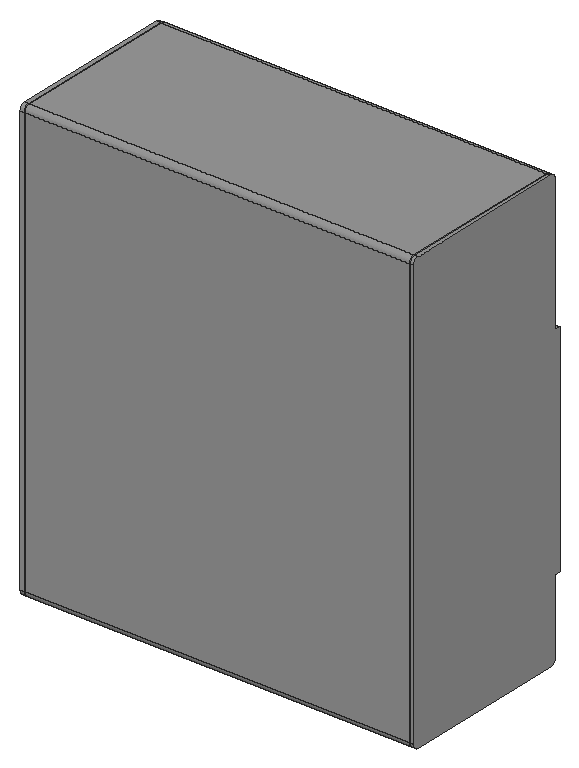
Revit family "L&L_LUCE&LIGHT_PASITO_1.0", category Lighting Fixtures, host Wall, Revit 2018
Family settings
  Host = Wall
  Round Connector Dimension = Use Diameter
  Part Type = Normal
  OmniClass Number = 23.80.00.00
  OmniClass Title = Electric Power and Lighting
  Always vertical = Yes
  Cut with Voids When Loaded = No
  Light Source = Yes
  Shared = No
  Room Calculation Point = No
Parameters (values of type "PASITO_1.0 – 60°")
  Wattage = 10 W
  WIDTH = 143.0 mm
  WEIGHT KG = 0.52
  URL IMAGE = "https://www.lucelight.it/media/prodotti/foto/pasito_1.0_still.jpg"
  URL DXF = "https://www.lucelight.it/media/prodotti/dxf/pasito_1.0.dxf"
  URL DESCRIPTION = "https://www.lucelight.it/en/capitolato.php/7959"
  URL CATALOGUE = "https://www.lucelight.it/media/prodotti/brochure/pasito_brochure_en.pdf"
  Type Comments = "recessed (wall)"
  Tilt Angle = 0.00°
  THICKNESS = 67.0 mm
  TECHNICAL SHEET = "https://www.lucelight.it/media/prodotti/st/ST_PASITO_10.pdf"
  Photometric Web File = "PASITO 1.0 BE 60° [2700K 10W 230Vac] white.IES"
  PROTECTION LEVEL = "IP 65"
  PRODUCT CODE CONFIGURATOR = "https://www.lucelight.it/en/prodotto.php/7959#a-generacodice"
  POWER SUPPLY = "230Vac, 24Vdc"
  POWER CONSUMPTION = "10W (230Vac), 8.5W (24Vdc)"
  built-in parameter 1150142 = "IESNA:LM-63-2002\r\n[TEST] PASITO 10 30K80 60  - 20181015-1739.LDT\r\n[TESTLAB] L&L\r\n[TESTDATE] 15 Oct 2018\r\n[ISSUEDATE] 15 Oct 2018\r\n[MANUFAC] L&L\r\n[LUMCAT] PASITO 1.0 BE 60° [2700K 10W 230Vac] white\r\n[LUMINAIRE] PASITO 1.0 BE 60° [2700K 10W 230Vac] white\r\n[FLASHAREA] 0.000007\r\n[LAMPCAT] Power LED\r\n[LAMP] Power LED\r\nTILT=NONE\r\n1 312.00 1.0 181 73 1 2 0.001 0.030 0.000\r\n1.00 1.00 10.00\r\n0.00 1.00 2.00 3.00 4.00 5.00 6.00 7.00 8.00 9.00 10.00 \r\n11.00 12.00 13.00 14.00 15.00 16.00 17.00 18.00 19.00 \r\n20.00 21.00 22.00 23.00 24.00 25.00 26.00 27.00 28.00 \r\n29.00 30.00 31.00 32.00 33.00 34.00 35.00 36.00 37.00 \r\n38.00 39.00 40.00 41.00 42.00 43.00 44.00 45.00 46.00 \r\n47.00 48.00 49.00 50.00 51.00 52.00 53.00 54.00 55.00 \r\n56.00 57.00 58.00 59.00 60.00 61.00 62.00 63.00 64.00 \r\n65.00 66.00 67.00 68.00 69.00 70.00 71.00 72.00 73.00 \r\n74.00 75.00 76.00 77.00 78.00 79.00 80.00 81.00 82.00 \r\n83.00 84.00 85.00 86.00 87.00 88.00 89.00 90.00 91.00 \r\n92.00 93.00 94.00 95.00 96.00 97.00 98.00 99.00 100.00 \r\n101.00 102.00 103.00 104.00 105.00 106.00 107.00 108.00 \r\n109.00 110.00 111.00 112.00 113.00 114.00 115.00 116.00 \r\n117.00 118.00 119.00 120.00 121.00 122.00 123.00 124.00 \r\n125.00 126.00 127.00 128.00 129.00 130.00 131.00 132.00 \r\n133.00 134.00 135.00 136.00 137.00 138.00 139.00 140.00 \r\n141.00 142.00 143.00 144.00 145.00 146.00 147.00 148.00 \r\n149.00 150.00 151.00 152.00 153.00 154.00 155.00 156.00 \r\n157.00 158.00 159.00 160.00 161.00 162.00 163.00 164.00 \r\n165.00 166.00 167.00 168.00 169.00 170.00 171.00 172.00 \r\n173.00 174.00 175.00 176.00 177.00 178.00 179.00 180.00 \r\n0.00 5.00 10.00 15.00 20.00 25.00 30.00 35.00 40.00 45.00 \r\n50.00 55.00 60.00 65.00 70.00 75.00 80.00 85.00 90.00 \r\n95.00 100.00 105.00 110.00 115.00 120.00 125.00 130.00 \r\n135.00 140.00 145.00 150.00 155.00 160.00 165.00 170.00 \r\n175.00 180.00 185.00 190.00 195.00 200.00 205.00 210.00 \r\n215.00 220.00 225.00 230.00 235.00 240.00 245.00 250.00 \r\n255.00 260.00 265.00 270.00 275.00 280.00 285.00 290.00 \r\n295.00 300.00 305.00 310.00 315.00 320.00 325.00 330.00 \r\n335.00 340.00 345.00 350.00 355.00 360.00 \r\n0.01 0.01 0.01 0.02 0.02 0.02 0.02 0.02 0.02 0.02 0.02 \r\n0.02 0.02 0.02 0.02 0.02 0.02 0.02 0.02 0.02 0.02 0.02 \r\n0.02 0.02 0.02 0.03 0.03 0.03 0.03 0.03 0.03 0.03 0.03 \r\n0.03 0.03 0.03 0.03 0.03 0.03 0.04 0.04 0.04 0.04 0.04 \r\n0.04 0.04 0.04 0.04 0.04 0.04 0.04 0.04 0.04 0.04 0.04 \r\n0.04 0.04 0.04 0.04 0.05 0.05 0.05 0.05 0.05 0.05 0.05 \r\n0.05 0.05 0.05 0.05 0.05 0.05 0.05 0.05 0.05 0.05 0.05 \r\n0.05 0.05 0.05 0.05 0.05 0.05 0.05 0.05 0.05 0.05 0.05 \r\n0.05 0.05 0.05 0.05 0.05 0.05 0.05 0.05 0.06 0.06 0.06 \r\n0.06 0.06 0.06 0.06 0.06 0.06 0.06 0.06 0.06 0.06 0.06 \r\n0.06 0.06 0.06 0.06 0.06 0.06 0.06 0.06 0.06 0.06 0.06 \r\n0.06 0.06 0.06 0.06 0.06 0.06 0.06 0.06 0.06 0.06 0.06 \r\n0.06 0.06 0.06 0.06 0.07 0.07 0.07 0.07 0.07 0.07 0.07 \r\n0.07 0.07 0.07 0.07 0.07 0.07 0.07 0.07 0.07 0.07 0.07 \r\n0.07 0.07 0.07 0.07 0.07 0.07 0.07 0.07 0.07 0.07 0.07 \r\n0.07 0.07 0.07 0.07 0.07 0.07 0.07 0.08 0.08 0.08 0.08 \r\n0.07 0.06 0.04 0.02 0.01 \r\n0.01 0.01 0.01 0.01 0.01 0.01 0.01 0.01 0.01 0.00 0.00 \r\n0.00 0.00 0.00 0.00 0.00 0.00 0.00 0.00 0.00 0.00 0.00 \r\n0.00 0.00 0.00 0.00 0.00 0.00 0.00 0.00 0.00 0.00 0.00 \r\n0.00 0.00 0.00 0.00 0.00 0.00 0.00 0.00 0.00 0.00 0.00 \r\n0.00 0.00 0.00 0.00 0.00 0.00 0.00 0.00 0.00 0.00 0.00 \r\n0.00 0.00 0.00 0.00 0.00 0.00 0.00 0.00 0.00 0.00 0.00 \r\n0.00 0.00 0.00 0.00 0.00 0.00 0.00 0.00 0.00 0.00 0.00 \r\n0.00 0.00 0.00 0.00 0.00 0.00 0.00 0.00 0.00 0.00 0.00 \r\n0.00 0.00 0.00 0.00 0.00 0.00 0.00 0.00 0.00 0.00 0.00 \r\n0.00 0.00 0.00 0.00 0.00 0.00 0.00 0.00 0.00 0.00 0.00 \r\n0.00 0.00 0.00 0.00 0.00 0.00 0.00 0.00 0.00 0.00 0.00 \r\n0.00 0.00 0.00 0.00 0.00 0.00 0.00 0.00 0.00 0.00 0.00 \r\n0.00 0.00 0.00 0.00 0.00 0.00 0.00 0.00 0.00 0.00 0.00 \r\n0.00 0.00 0.00 0.00 0.00 0.00 0.00 0.00 0.00 0.00 0.00 \r\n0.00 0.00 0.00 0.00 0.00 0.00 0.00 0.00 0.00 0.00 0.00 \r\n0.00 0.00 0.00 0.00 0.00 0.00 0.01 0.01 0.02 0.02 0.03 \r\n0.03 0.03 0.03 0.02 0.01 \r\n0.01 0.01 0.01 0.01 0.01 0.00 0.00 0.00 0.00 0.00 0.00 \r\n0.00 0.00 0.00 0.00 0.00 0.00 0.00 0.00 0.00 0.00 0.00 \r\n0.00 0.00 0.00 0.00 0.00 0.00 0.00 0.00 0.00 0.00 0.00 \r\n0.00 0.00 0.00 0.00 0.00 0.00 0.00 0.00 0.00 0.00 0.00 \r\n0.00 0.00 0.00 0.00 0.00 0.00 0.00 0.00 0.00 0.00 0.00 \r\n0.00 0.00 0.00 0.00 0.00 0.00 0.00 0.00 0.00 0.00 0.00 \r\n0.00 0.00 0.00 0.00 0.00 0.00 0.00 0.00 0.00 0.00 0.00 \r\n0.00 0.00 0.00 0.00 0.00 0.00 0.00 0.00 0.00 0.00 0.00 \r\n0.00 0.00 0.00 0.00 0.00 0.00 0.00 0.00 0.00 0.00 0.00 \r\n0.00 0.00 0.00 0.00 0.00 0.00 0.00 0.00 0.00 0.00 0.00 \r\n0.00 0.00 0.00 0.00 0.00 0.00 0.00 0.00 0.00 0.00 0.00 \r\n0.00 0.00 0.00 0.00 0.00 0.00 0.00 0.00 0.00 0.00 0.00 \r\n0.00 0.00 0.00 0.00 0.00 0.00 0.00 0.00 0.00 0.00 0.00 \r\n0.00 0.00 0.00 0.00 0.00 0.00 0.00 0.00 0.00 0.00 0.00 \r\n0.00 0.00 0.00 0.00 0.00 0.00 0.00 0.00 0.00 0.00 0.00 \r\n0.00 0.00 0.00 0.00 0.00 0.00 0.00 0.00 0.00 0.00 0.01 \r\n0.01 0.01 0.02 0.02 0.01 \r\n0.01 0.01 0.01 0.00 0.00 0.00 0.00 0.00 0.00 0.00 0.00 \r\n0.00 0.00 0.00 0.00 0.00 0.00 0.00 0.00 0.00 0.00 0.00 \r\n0.00 0.00 0.00 0.00 0.00 0.00 0.00 0.00 0.00 0.00 0.00 \r\n0.00 0.00 0.00 0.00 0.00 0.00 0.00 0.00 0.00 0.00 0.00 \r\n0.00 0.00 0.00 0.00 0.00 0.00 0.00 0.00 0.00 0.00 0.00 \r\n0.00 0.00 0.00 0.00 0.00 0.00 0.00 0.00 0.00 0.00 0.00 \r\n0.00 0.00 0.00 0.00 0.00 0.00 0.00 0.00 0.00 0.00 0.00 \r\n0.00 0.00 0.00 0.00 0.00 0.00 0.00 0.00 0.00 0.00 0.00 \r\n0.00 0.00 0.00 0.00 0.00 0.00 0.00 0.00 0.00 0.00 0.00 \r\n0.00 0.00 0.00 0.00 0.00 0.00 0.00 0.00 0.00 0.00 0.00 \r\n0.00 0.00 0.00 0.00 0.00 0.00 0.00 0.00 0.00 0.00 0.00 \r\n0.00 0.00 0.00 0.00 0.00 0.00 0.00 0.00 0.00 0.00 0.00 \r\n0.00 0.00 0.00 0.00 0.00 0.00 0.00 0.00 0.00 0.00 0.00 \r\n0.00 0.00 0.00 0.00 0.00 0.00 0.00 0.00 0.00 0.00 0.00 \r\n0.00 0.00 0.00 0.00 0.00 0.00 0.00 0.00 0.00 0.00 0.00 \r\n0.00 0.00 0.00 0.00 0.00 0.00 0.00 0.00 0.00 0.00 0.00 \r\n0.00 0.01 0.01 0.02 0.01 \r\n0.01 0.01 0.00 0.00 0.00 0.00 0.00 0.00 0.00 0.00 0.00 \r\n0.00 0.00 0.00 0.00 0.00 0.00 0.00 0.00 0.00 0.00 0.00 \r\n0.00 0.00 0.00 0.00 0.00 0.00 0.00 0.00 0.00 0.00 0.00 \r\n0.00 0.00 0.00 0.00 0.00 0.00 0.00 0.00 0.00 0.00 0.00 \r\n0.00 0.00 0.00 0.00 0.00 0.00 0.00 0.00 0.00 0.00 0.00 \r\n0.00 0.00 0.00 0.00 0.00 0.00 0.00 0.00 0.00 0.00 0.00 \r\n0.00 0.00 0.00 0.00 0.00 0.00 0.00 0.00 0.00 0.00 0.00 \r\n0.00 0.00 0.00 0.00 0.00 0.00 0.00 0.00 0.00 0.00 0.00 \r\n0.00 0.00 0.00 0.00 0.00 0.00 0.00 0.00 0.00 0.00 0.00 \r\n0.00 0.00 0.00 0.00 0.00 0.00 0.00 0.00 0.00 0.00 0.00 \r\n0.00 0.00 0.00 0.00 0.00 0.00 0.00 0.00 0.00 0.00 0.00 \r\n0.00 0.00 0.00 0.00 0.00 0.00 0.00 0.00 0.00 0.00 0.00 \r\n0.00 0.00 0.00 0.00 0.00 0.00 0.00 0.00 0.00 0.00 0.00 \r\n0.00 0.00 0.00 0.00 0.00 0.00 0.00 0.00 0.00 0.00 0.00 \r\n0.00 0.00 0.00 0.00 0.00 0.00 0.00 0.00 0.00 0.00 0.00 \r\n0.00 0.00 0.00 0.00 0.00 0.00 0.00 0.00 0.00 0.00 0.00 \r\n0.00 0.00 0.01 0.01 0.01 \r\n0.01 0.01 0.00 0.00 0.00 0.00 0.00 0.00 0.00 0.00 0.00 \r\n0.00 0.00 0.00 0.00 0.00 0.00 0.00 0.00 0.00 0.00 0.00 \r\n0.00 0.00 0.00 0.00 0.00 0.00 0.00 0.00 0.00 0.00 0.00 \r\n0.00 0.00 0.00 0.00 0.00 0.00 0.00 0.00 0.00 0.00 0.00 \r\n0.00 0.00 0.00 0.00 0.00 0.00 0.00 0.00 0.00 0.00 0.00 \r\n0.00 0.00 0.00 0.00 0.00 0.00 0.00 0.00 0.00 0.00 0.00 \r\n0.00 0.00 0.00 0.00 0.00 0.00 0.00 0.00 0.00 0.00 0.00 \r\n0.00 0.00 0.00 0.00 0.00 0.00 0.00 0.00 0.00 0.00 0.00 \r\n0.00 0.00 0.00 0.00 0.00 0.00 0.00 0.00 0.00 0.00 0.00 \r\n0.00 0.00 0.00 0.00 0.00 0.00 0.00 0.00 0.00 0.00 0.00 \r\n0.00 0.00 0.00 0.00 0.00 0.00 0.00 0.00 0.00 0.00 0.00 \r\n0.00 0.00 0.00 0.00 0.00 0.00 0.00 0.00 0.00 0.00 0.00 \r\n0.00 0.00 0.00 0.00 0.00 0.00 0.00 0.00 0.00 0.00 0.00 \r\n0.00 0.00 0.00 0.00 0.00 0.00 0.00 0.00 0.00 0.00 0.00 \r\n0.00 0.00 0.00 0.00 0.00 0.00 0.00 0.00 0.00 0.00 0.00 \r\n0.00 0.00 0.00 0.00 0.00 0.00 0.00 0.00 0.00 0.00 0.00 \r\n0.00 0.00 0.00 0.01 0.01 \r\n0.01 0.01 0.00 0.00 0.00 0.00 0.00 0.00 0.00 0.00 0.00 \r\n0.00 0.00 0.00 0.00 0.00 0.00 0.00 0.00 0.00 0.00 0.00 \r\n0.00 0.00 0.00 0.00 0.00 0.00 0.00 0.00 0.00 0.00 0.00 \r\n0.00 0.00 0.00 0.00 0.00 0.00 0.00 0.00 0.00 0.00 0.00 \r\n0.00 0.00 0.00 0.00 0.00 0.00 0.00 0.00 0.00 0.00 0.00 \r\n0.00 0.00 0.00 0.00 0.00 0.00 0.00 0.00 0.00 0.00 0.00 \r\n0.00 0.00 0.00 0.00 0.00 0.00 0.00 0.00 0.00 0.00 0.00 \r\n0.00 0.00 0.00 0.00 0.00 0.00 0.00 0.00 0.00 0.00 0.00 \r\n0.00 0.00 0.00 0.00 0.00 0.00 0.00 0.00 0.00 0.00 0.00 \r\n0.00 0.00 0.00 0.00 0.00 0.00 0.00 0.00 0.00 0.00 0.00 \r\n0.00 0.00 0.00 0.00 0.00 0.00 0.00 0.00 0.00 0.00 0.00 \r\n0.00 0.00 0.00 0.00 0.00 0.00 0.00 0.00 0.00 0.00 0.00 \r\n0.00 0.00 0.00 0.00 0.00 0.00 0.00 0.00 0.00 0.00 0.00 \r\n0.00 0.00 0.00 0.00 0.00 0.00 0.00 0.00 0.00 0.00 0.00 \r\n0.00 0.00 0.00 0.00 0.00 0.00 0.00 0.00 0.00 0.00 0.00 \r\n0.00 0.00 0.00 0.00 0.00 0.00 0.00 0.00 0.00 0.00 0.00 \r\n0.00 0.00 0.00 0.01 0.01 \r\n0.01 0.00 0.00 0.00 0.00 0.00 0.00 0.00 0.00 0.00 0.00 \r\n0.00 0.00 0.00 0.00 0.00 0.00 0.00 0.00 0.00 0.00 0.00 \r\n0.00 0.00 0.00 0.00 0.00 0.00 0.00 0.00 0.00 0.00 0.00 \r\n0.00 0.00 0.00 0.00 0.00 0.00 0.00 0.00 0.00 0.00 0.00 \r\n0.00 0.00 0.00 0.00 0.00 0.00 0.00 0.00 0.00 0.00 0.00 \r\n0.00 0.00 0.00 0.00 0.00 0.00 0.00 0.00 0.00 0.00 0.00 \r\n0.00 0.00 0.00 0.00 0.00 0.00 0.00 0.00 0.00 0.00 0.00 \r\n0.00 0.00 0.00 0.00 0.00 0.00 0.00 0.00 0.00 0.00 0.00 \r\n0.00 0.00 0.00 0.00 0.00 0.00 0.00 0.00 0.00 0.00 0.00 \r\n0.00 0.00 0.00 0.00 0.00 0.00 0.00 0.00 0.00 0.00 0.00 \r\n0.00 0.00 0.00 0.00 0.00 0.00 0.00 0.00 0.00 0.00 0.00 \r\n0.00 0.00 0.00 0.00 0.00 0.00 0.00 0.00 0.00 0.00 0.00 \r\n0.00 0.00 0.00 0.00 0.00 0.00 0.00 0.00 0.00 0.00 0.00 \r\n0.00 0.00 0.00 0.00 0.00 0.00 0.00 0.00 0.00 0.00 0.00 \r\n0.00 0.00 0.00 0.00 0.00 0.00 0.00 0.00 0.00 0.00 0.00 \r\n0.00 0.00 0.00 0.00 0.00 0.00 0.00 0.00 0.00 0.00 0.00 \r\n0.00 0.00 0.00 0.01 0.01 \r\n0.01 0.00 0.00 0.00 0.00 0.00 0.00 0.00 0.00 0.00 0.00 \r\n0.00 0.00 0.00 0.00 0.00 0.00 0.00 0.00 0.00 0.00 0.00 \r\n0.00 0.00 0.00 0.00 0.00 0.00 0.00 0.00 0.00 0.00 0.00 \r\n0.00 0.00 0.00 0.00 0.00 0.00 0.00 0.00 0.00 0.00 0.00 \r\n0.00 0.00 0.00 0.00 0.00 0.00 0.00 0.00 0.00 0.00 0.00 \r\n0.00 0.00 0.00 0.00 0.00 0.00 0.00 0.00 0.00 0.00 0.00 \r\n0.00 0.00 0.00 0.00 0.00 0.00 0.00 0.00 0.00 0.00 0.00 \r\n0.00 0.00 0.00 0.00 0.00 0.00 0.00 0.00 0.00 0.00 0.00 \r\n0.00 0.00 0.00 0.00 0.00 0.00 0.00 0.00 0.00 0.00 0.00 \r\n0.00 0.00 0.00 0.00 0.00 0.00 0.00 0.00 0.00 0.00 0.00 \r\n0.00 0.00 0.00 0.00 0.00 0.00 0.00 0.00 0.00 0.00 0.00 \r\n0.00 0.00 0.00 0.00 0.00 0.00 0.00 0.00 0.00 0.00 0.00 \r\n0.00 0.00 0.00 0.00 0.00 0.00 0.00 0.00 0.00 0.00 0.00 \r\n0.00 0.00 0.00 0.00 0.00 0.00 0.00 0.00 0.00 0.00 0.00 \r\n0.00 0.00 0.00 0.00 0.00 0.00 0.00 0.00 0.00 0.00 0.00 \r\n0.00 0.00 0.00 0.00 0.00 0.00 0.00 0.00 0.00 0.00 0.00 \r\n0.00 0.00 0.00 0.01 0.01 \r\n0.01 0.00 0.00 0.00 0.00 0.00 0.00 0.00 0.00 0.00 0.00 \r\n0.00 0.00 0.00 0.00 0.00 0.00 0.00 0.00 0.00 0.00 0.00 \r\n0.00 0.00 0.00 0.00 0.00 0.00 0.00 0.00 0.00 0.00 0.00 \r\n0.00 0.00 0.00 0.00 0.00 0.00 0.00 0.00 0.00 0.00 0.00 \r\n0.00 0.00 0.00 0.00 0.00 0.00 0.00 0.00 0.00 0.00 0.00 \r\n0.00 0.00 0.00 0.00 0.00 0.00 0.00 0.00 0.00 0.00 0.00 \r\n0.00 0.00 0.00 0.00 0.00 0.00 0.00 0.00 0.00 0.00 0.00 \r\n0.00 0.00 0.00 0.00 0.00 0.00 0.00 0.00 0.00 0.00 0.00 \r\n0.00 0.00 0.00 0.00 0.00 0.00 0.00 0.00 0.00 0.00 0.00 \r\n0.00 0.00 0.00 0.00 0.00 0.00 0.00 0.00 0.00 0.00 0.00 \r\n0.00 0.00 0.00 0.00 0.00 0.00 0.00 0.00 0.00 0.00 0.00 \r\n0.00 0.00 0.00 0.00 0.00 0.00 0.00 0.00 0.00 0.00 0.00 \r\n0.00 0.00 0.00 0.00 0.00 0.00 0.00 0.00 0.00 0.00 0.00 \r\n0.00 0.00 0.00 0.00 0.00 0.00 0.00 0.00 0.00 0.00 0.00 \r\n0.00 0.00 0.00 0.00 0.00 0.00 0.00 0.00 0.00 0.00 0.00 \r\n0.00 0.00 0.00 0.00 0.00 0.00 0.00 0.00 0.00 0.00 0.00 \r\n0.00 0.00 0.00 0.00 0.01 \r\n0.01 0.00 0.00 0.00 0.00 0.00 0.00 0.00 0.00 0.00 0.00 \r\n0.00 0.00 0.00 0.00 0.00 0.00 0.00 0.00 0.00 0.00 0.00 \r\n0.00 0.00 0.00 0.00 0.00 0.00 0.00 0.00 0.00 0.00 0.00 \r\n0.00 0.00 0.00 0.00 0.00 0.00 0.00 0.00 0.00 0.00 0.00 \r\n0.00 0.00 0.00 0.00 0.00 0.00 0.00 0.00 0.00 0.00 0.00 \r\n0.00 0.00 0.00 0.00 0.00 0.00 0.00 0.00 0.00 0.00 0.00 \r\n0.00 0.00 0.00 0.00 0.00 0.00 0.00 0.00 0.00 0.00 0.00 \r\n0.00 0.00 0.00 0.00 0.00 0.00 0.00 0.00 0.00 0.00 0.00 \r\n0.00 0.00 0.00 0.00 0.00 0.00 0.00 0.00 0.00 0.00 0.00 \r\n0.00 0.00 0.00 0.00 0.00 0.00 0.00 0.00 0.00 0.00 0.00 \r\n0.00 0.00 0.00 0.00 0.00 0.00 0.00 0.00 0.00 0.00 0.00 \r\n0.00 0.00 0.00 0.00 0.00 0.00 0.00 0.00 0.00 0.00 0.00 \r\n0.00 0.00 0.00 0.00 0.00 0.00 0.00 0.00 0.00 0.00 0.00 \r\n0.00 0.00 0.00 0.00 0.00 0.00 0.00 0.00 0.00 0.00 0.00 \r\n0.00 0.00 0.00 0.00 0.00 0.00 0.00 0.00 0.00 0.00 0.00 \r\n0.00 0.00 0.00 0.00 0.00 0.00 0.00 0.00 0.00 0.00 0.00 \r\n0.00 0.00 0.00 0.00 0.01 \r\n0.01 0.00 0.00 0.00 0.00 0.00 0.00 0.00 0.00 0.00 0.00 \r\n0.00 0.00 0.00 0.00 0.00 0.00 0.00 0.00 0.00 0.00 0.00 \r\n0.00 0.00 0.00 0.00 0.00 0.00 0.00 0.00 0.00 0.00 0.00 \r\n0.00 0.00 0.00 0.00 0.00 0.00 0.00 0.00 0.00 0.00 0.00 \r\n0.00 0.00 0.00 0.00 0.00 0.00 0.00 0.00 0.00 0.00 0.00 \r\n0.00 0.00 0.00 0.00 0.00 0.00 0.00 0.00 0.00 0.00 0.00 \r\n0.00 0.00 0.00 0.00 0.00 0.00 0.00 0.00 0.00 0.00 0.00 \r\n0.00 0.00 0.00 0.00 0.00 0.00 0.00 0.00 0.00 0.00 0.00 \r\n0.00 0.00 0.00 0.00 0.00 0.00 0.00 0.00 0.00 0.00 0.00 \r\n0.00 0.00 0.00 0.00 0.00 0.00 0.00 0.00 0.00 0.00 0.00 \r\n0.00 0.00 0.00 0.00 0.00 0.00 0.00 0.00 0.00 0.00 0.00 \r\n0.00 0.00 0.00 0.00 0.00 0.00 0.00 0.00 0.00 0.00 0.00 \r\n0.00 0.00 0.00 0.00 0.00 0.00 0.00 0.00 0.00 0.00 0.00 \r\n0.00 0.00 0.00 0.00 0.00 0.00 0.00 0.00 0.00 0.00 0.00 \r\n0.00 0.00 0.00 0.00 0.00 0.00 0.00 0.00 0.00 0.00 0.00 \r\n0.00 0.00 0.00 0.00 0.00 0.00 0.00 0.00 0.00 0.00 0.00 \r\n0.00 0.00 0.00 0.00 0.01 \r\n0.01 0.00 0.00 0.00 0.00 0.00 0.00 0.00 0.00 0.00 0.00 \r\n0.00 0.00 0.00 0.00 0.00 0.00 0.00 0.00 0.00 0.00 0.00 \r\n0.00 0.00 0.00 0.00 0.00 0.00 0.00 0.00 0.00 0.00 0.00 \r\n0.00 0.00 0.00 0.00 0.00 0.00 0.00 0.00 0.00 0.00 0.00 \r\n0.00 0.00 0.00 0.00 0.00 0.00 0.00 0.00 0.00 0.00 0.00 \r\n0.00 0.00 0.00 0.00 0.00 0.00 0.00 0.00 0.00 0.00 0.00 \r\n0.00 0.00 0.00 0.00 0.00 0.00 0.00 0.00 0.00 0.00 0.00 \r\n0.00 0.00 0.00 0.00 0.00 0.00 0.00 0.00 0.00 0.00 0.00 \r\n0.00 0.00 0.00 0.00 0.00 0.00 0.00 0.00 0.00 0.00 0.00 \r\n0.00 0.00 0.00 0.00 0.00 0.00 0.00 0.00 0.00 0.00 0.00 \r\n0.00 0.00 0.00 0.00 0.00 0.00 0.00 0.00 0.00 0.00 0.00 \r\n0.00 0.00 0.00 0.00 0.00 0.00 0.00 0.00 0.00 0.00 0.00 \r\n0.00 0.00 0.00 0.00 0.00 0.00 0.00 0.00 0.00 0.00 0.00 \r\n0.00 0.00 0.00 0.00 0.00 0.00 0.00 0.00 0.00 0.00 0.00 \r\n0.00 0.00 0.00 0.00 0.00 0.00 0.00 0.00 0.00 0.00 0.00 \r\n0.00 0.00 0.00 0.00 0.00 0.00 0.00 0.00 0.00 0.00 0.00 \r\n0.00 0.00 0.00 0.00 0.01 \r\n0.01 0.00 0.00 0.00 0.00 0.00 0.00 0.00 0.00 0.00 0.00 \r\n0.00 0.00 0.00 0.00 0.00 0.00 0.00 0.00 0.00 0.00 0.00 \r\n0.00 0.00 0.00 0.00 0.00 0.00 0.00 0.00 0.00 0.00 0.00 \r\n0.00 0.00 0.00 0.00 0.00 0.00 0.00 0.00 0.00 0.00 0.00 \r\n0.00 0.00 0.00 0.00 0.00 0.00 0.00 0.00 0.00 0.00 0.00 \r\n0.00 0.00 0.00 0.00 0.00 0.00 0.00 0.00 0.00 0.00 0.00 \r\n0.00 0.00 0.00 0.00 0.00 0.00 0.00 0.00 0.00 0.00 0.00 \r\n0.00 0.00 0.00 0.00 0.00 0.00 0.00 0.00 0.00 0.00 0.00 \r\n0.00 0.00 0.00 0.00 0.00 0.00 0.00 0.00 0.00 0.00 0.00 \r\n0.00 0.00 0.00 0.00 0.00 0.00 0.00 0.00 0.00 0.00 0.00 \r\n0.00 0.00 0.00 0.00 0.00 0.00 0.00 0.00 0.00 0.00 0.00 \r\n0.00 0.00 0.00 0.00 0.00 0.00 0.00 0.00 0.00 0.00 0.00 \r\n0.00 0.00 0.00 0.00 0.00 0.00 0.00 0.00 0.00 0.00 0.00 \r\n0.00 0.00 0.00 0.00 0.00 0.00 0.00 0.00 0.00 0.00 0.00 \r\n0.00 0.00 0.00 0.00 0.00 0.00 0.00 0.00 0.00 0.00 0.00 \r\n0.00 0.00 0.00 0.00 0.00 0.00 0.00 0.00 0.00 0.00 0.00 \r\n0.00 0.00 0.00 0.00 0.01 \r\n0.01 0.00 0.00 0.00 0.00 0.00 0.00 0.00 0.00 0.00 0.00 \r\n0.00 0.00 0.00 0.00 0.00 0.00 0.00 0.00 0.00 0.00 0.00 \r\n0.00 0.00 0.00 0.00 0.00 0.00 0.00 0.00 0.00 0.00 0.00 \r\n0.00 0.00 0.00 0.00 0.00 0.00 0.00 0.00 0.00 0.00 0.00 \r\n0.00 0.00 0.00 0.00 0.00 0.00 0.00 0.00 0.00 0.00 0.00 \r\n0.00 0.00 0.00 0.00 0.00 0.00 0.00 0.00 0.00 0.00 0.00 \r\n0.00 0.00 0.00 0.00 0.00 0.00 0.00 0.00 0.00 0.00 0.00 \r\n0.00 0.00 0.00 0.00 0.00 0.00 0.00 0.00 0.00 0.00 0.00 \r\n0.00 0.00 0.00 0.00 0.00 0.00 0.00 0.00 0.00 0.00 0.00 \r\n0.00 0.00 0.00 0.00 0.00 0.00 0.00 0.00 0.00 0.00 0.00 \r\n0.00 0.00 0.00 0.00 0.00 0.00 0.00 0.00 0.00 0.00 0.00 \r\n0.00 0.00 0.00 0.00 0.00 0.00 0.00 0.00 0.00 0.00 0.00 \r\n0.00 0.00 0.00
